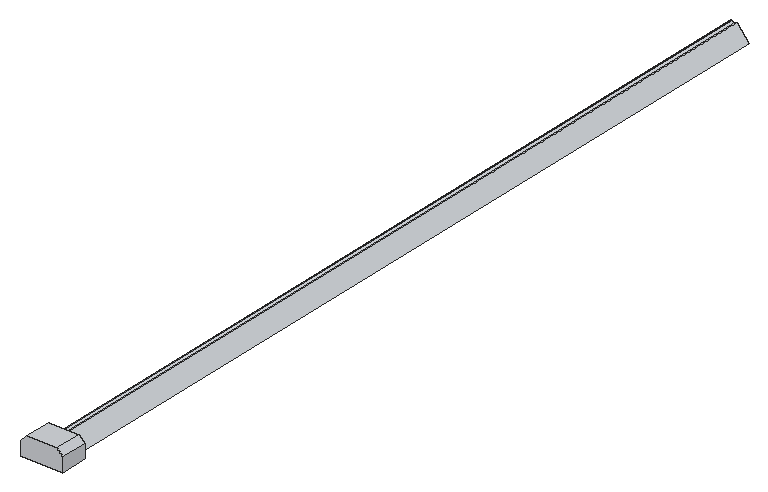
Revit family "DET3(DES3)-30-75", category Mechanical Equipment, Revit 2012
Parameters
  Weight = "160 Pounds"
  Voltage = 120 V
  URL = "www.DetroitRadiant.com"
  Top Clearance = 0' - 6"
  Stage = "DET3 (Two), DES3 (Single)"
  Side Clearances = 0' - 9"
  Recommended Mounting Height = "12' to 20'"
  Note = "Low fire input for DET series only"
  Model = "DET3(DES3)-30-75"
  Material (Radiant Tubes) = "Hot Rolled Steel"
  Material (Combustion Tube) = "Black Coated Aluminized Steel"
  Manufacturer = "Detroit Radiant Products Company"
  Length = 31' - 5"
  Heat Gain (Low Fire) = 50000.0 Btu/h
  Heat Gain (High Fire) = 75000.0 Btu/h
  Gas Type = "N or LP"
  Frequency = 60 Hz
  Below Clearance = 5' - 0"
Reference planes (in)
  plane 1 "Center (Front/Back)": y = 0
  plane 2: z = 0
  plane 3 "Center (Left/Right)": x = 0
Dimensions and locks (in)
  aligned and locked: plane 2 to level
Nested families (in)
  nested 1: "V3 Box With 30' Tube Assembly" at (0, 0, 0) x (-1, 0, 0) z (0, 0, 1), type "Infra-Red"
Definition of nested family "V3 Box With 30' Tube Assembly"
  Parameters (values of type "Infra-Red")
    Weight = ""
    Voltage = 0 V
    URL = "www.DetroitRadiant.com"
    Top Clearance = 0' - 0"
    Stage = ""
    Side Clearances = 0' - 0"
    Recommended Mounting Height = ""
    Material = ""
    Manufacturer = "Detroit Radiant Products Company"
    Length = 0' - 0"
    Heat Gain (Low Fire) = 0.0 Btu/h
    Heat Gain (High Fire) = 0.0 Btu/h
    Gas Type = ""
    Frequency = 0 Hz
    Current = 0 A
    Below Clearance = 0' - 0"
    Back Clearance = 0' - 0"
    Apparent Power = 0 VA
  Reference planes (in)
    plane 1 "Center (Front/Back)": y = 0
    plane 2: z = 0
    plane 3 "Center (Left/Right)": x = 0
  Forms (in)
    Extrusion 1, solid
      sketch origin (0, 0, 0) x (1, 0, 0) y (0, 0, 1)
        loop
          line (-6.375, 8.625) -> (-9, 6) -> (-9, 0) -> (9.5, 0) -> (9.5, 6) -> (6.875, 8.625) -> (-6.375, 8.625)
      from 12 to 0
    Extrusion 2, solid
      sketch origin (0, -12, 0) x (1, 0, 0) y (0, 0, 1)
        loop
          line (-6.25, 1.1425) -> (-6, 1.1425) -> (-1.00787, 7.21737) -> (0.25, 6.625) -> (1.50787, 7.21737) -> (6.5, 1.1425) -> (6.75, 1.1425) -> (1.54, 7.4825) -> (0.25, 6.875) -> (-1.04, 7.4825) -> (-6.25, 1.1425)
      from 365 to 0
  Lines and regions (in)
    model lines
      curve 1: line (-9, 0, 0) -> (9.5, 0, 0)
  Dimensions and locks (in)
    aligned and locked: plane 2 to level
  Nested families (in)
    nested 1: "20' Tube (Black)" at (13.81098, -248, 0) x (0, 1, 0) z (0, 0, 1), type "10' Burner"
    nested 2: "10' Tube" at (13.81098, -132, 0) x (0, 1, 0) z (0, 0, 1), type "10' Burner"
  Definition of nested family "20' Tube (Black)"
    Parameters (values of type "10' Burner")
      h = 0.0 Btu/h
      Tube = none
      Reflector = none
      Heating = 50000 VA  # 170607.1 Btu/h
      Hanger = none
    Reference planes (in)
      plane 1 "Center (Front/Back)": y = 0
      plane 2: z = 0
      plane 3 "Center (Left/Right)": x = 0
    Forms (in)
      Extrusion 1, solid, material "Default 3"
        sketch origin (96, 292.12195, 0) x (0, -1, 0) y (0, 0, 1)
          loop
            circle (278.56098, 1.61442) r 2
          loop
            circle (278.56098, 1.61442) r 1.80078
        from 116 to 0
      Extrusion 2, solid, material "Default 3"
        sketch origin (-24, -265, 0) x (0, 1, 0) y (0, 0, 1)
          loop
            circle (278.56098, 1.61442) r 1.60156
          loop
            circle (278.56098, 1.61442) r 1.80078
        from 4 to 0
      Extrusion 3, solid, material "Default 3"
        sketch origin (-20, 292.12195, 0) x (0, -1, 0) y (0, 0, 1)
          loop
            circle (278.56098, 1.61442) r 2
          loop
            circle (278.56098, 1.61442) r 1.80078
        from 105 to 0
      Extrusion 4, solid, material "Default 3"
        sketch origin (-129, -265, 0) x (0, 1, 0) y (0, 0, 1)
          loop
            circle (278.56098, 1.61442) r 1.60156
          loop
            circle (278.56098, 1.61442) r 1.80078
        from 4 to 0
    Lines and regions (in)
      model lines
        curve 1: circle (0, 13.56098, 1.61442) r 1.80078 normal (1, 0, 0)
        curve 2: circle (0, 13.56098, 1.61442) r 1.60156 normal (1, 0, 0)
    Dimensions and locks (in)
      aligned and locked: plane 2 to level
  Definition of nested family "10' Tube"
    Parameters (values of type "Tube")
      h = 0.0 Btu/h
      Tube = none
      Reflector = none
      Heating = 50000 VA  # 170607.1 Btu/h
      Hanger = none
    Types (2): name
      10' Burner
      Tube
    Reference planes (in)
      plane 1 "Center (Front/Back)": y = 0
      plane 2: z = 0
      plane 3 "Center (Left/Right)": x = 0
    Forms (in)
      Extrusion 1, solid, material "Default 3"
        sketch origin (120, 292.12195, 0) x (0, -1, 0) y (0, 0, 1)
          loop
            circle (278.56098, 1.61442) r 2
          loop
            circle (278.56098, 1.61442) r 1.80078
        from 140 to 0
      Extrusion 2, solid, material "Default 3"
        sketch origin (-24, -265, 0) x (0, 1, 0) y (0, 0, 1)
          loop
            circle (278.56098, 1.61442) r 1.60156
          loop
            circle (278.56098, 1.61442) r 1.80078
        from 4 to 0
    Lines and regions (in)
      model lines
        curve 1: circle (0, 13.56098, 1.61442) r 1.80078 normal (1, 0, 0)
        curve 2: circle (0, 13.56098, 1.61442) r 1.60156 normal (1, 0, 0)
    Dimensions and locks (in)
      aligned and locked: plane 2 to level
